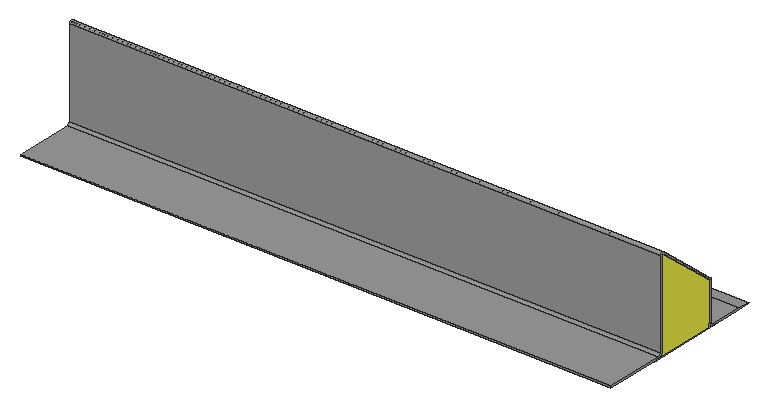
Revit family "XHD K 130 WIL", category Generic Models, Revit 2014
Parameters (values of type "Max lintel length 2100mm")
  URL = "http://www.keystonelintels.co.uk"
  Structural Opening [instance] = 900 mm
  Structural Performance = "The Keystone lintel range has safe working loads as detailed in each applicable loading table in the Keystone Lintel Guide brochure. The structural performance figures within each table have been ascertained by testing in accordance with the requirements of standards BS EN 5977-2: 1983 and BS EN 845-2: 2003."
  RIBA Productor Selector = "available for Keystone Lintels Ltd from Keystone Lintels Ltd from ribaproductselector.com"
  Model = "XHD/K 130 WIL"
  Min Length = 600 mm
  Min Clear Span = 300 mm
  Max Length = 2100 mm
  Max Clear Span = 2100 mm
  Material - Stainless Steel = "Grade 304 2b 1.4307 to BS EN 10088-2. Other grades available on request: contact manufacturer."
  Material - Galvanised Steel = "To BS EN 10346: 2009. DX51D plus Z600 or grade Z275 to BS 5977-2: 1983 (BS EN 845-2: 2003)."
  Manufacturer = "Keystone"
  Manufactured Length [instance] = (roundup(Effective Length / 150 mm) * 150 mm)  # 1200 mm
  Lintel height [instance] = 2100 mm
  Keynote = "F30/755"
  Fire Performance = "Keystone lintels have been subjected to a fire test (WARRES No. 101263) in accordance with BS 476-20: 1987, at Exova Warrington Fire and achieved a one hour fire performance."
  End Bearing = 150 mm
  Effective Length [instance] = Clear Opening with MIN MAX set + End Bearing * 2  # 1200 mm
  Corrosion = "Keystone’s standard range of lintels are manufactured from high quality grade pre-galvanized carbon steel with a zinc coating of 600"
  Contact Tel = "+44 (0)28 8676 2184"
  Contact Email = "info@keystonelintels.co.uk"
  Clear Opening with MIN MAX set [instance] = if(Structural Opening < Min Clear Span, Min Clear Span, (if(Structural Opening > Max Clear Span, Max Clear Span, Structural Opening)))  # 900 mm
  CPD Information = "Available for Keystone Lintels Ltd from ribacpd.com"
Reference planes
  plane 1 "Center (Front/Back)": y = 0
  plane 2: z = 0
  plane 3 "Center (Left/Right)": x = 0
  plane 4: x = -600
  plane 5: x = 600
  plane 6: z = 2100
  plane 7: x = -450
  plane 8: x = 450
Forms (mm)
  Extrusion 1, solid, material "Steel"
    sketch origin (0, 698.671, -515.599) x (0, 1, 0) y (0, 0, 1)
      loop
        line (-568.042, 2615.599) -> (-543.097, 2614.732) -> (-542.986, 2617.931) -> (-567.986, 2618.799) -> (-632.986, 2618.799)
        arc (-632.986, 2618.799) -> (-636.522, 2620.263) -> (-637.986, 2623.799) r 5
        line (-637.986, 2623.799) -> (-637.986, 2701.722)
        arc (-637.986, 2701.722) -> (-638.455, 2703.835) -> (-639.772, 2705.552) r 5
        line (-639.772, 2705.552) -> (-757.569, 2804.395)
        arc (-757.569, 2804.395) -> (-762.927, 2805.525) -> (-765.986, 2800.983) r 4.9
        line (-765.986, 2800.983) -> (-765.986, 2623.799)
        arc (-765.986, 2623.799) -> (-767.451, 2620.263) -> (-770.986, 2618.799) r 5
        line (-770.986, 2618.799) -> (-890.986, 2618.799) -> (-890.986, 2615.599) -> (-770.986, 2615.599)
        arc (-770.986, 2615.599) -> (-765.188, 2618) -> (-762.786, 2623.799) r 8.2
        line (-762.786, 2623.799) -> (-762.786, 2800.983)
        arc (-762.786, 2800.983) -> (-761.936, 2802.456) -> (-760.236, 2802.455) r 1.7
        line (-760.236, 2802.455) -> (-641.829, 2703.1)
        arc (-641.829, 2703.1) -> (-641.355, 2702.482) -> (-641.186, 2701.722) r 1.8
        line (-641.186, 2701.722) -> (-641.186, 2623.799)
        arc (-641.186, 2623.799) -> (-638.784, 2618.001) -> (-632.986, 2615.599) r 8.2
        line (-632.986, 2615.599) -> (-568.042, 2615.599)
    from -600 to 600
  Extrusion 2, solid, material "Steel"
    sketch origin (0, 698.671, -515.599) x (0, 1, 0) y (0, 0, 1)
      loop
        line (-779.457, 2614.599) -> (-624.426, 2614.599) -> (-624.426, 2615.599) -> (-641.426, 2615.599) -> (-641.426, 2623.599) -> (-642.426, 2623.599) -> (-642.426, 2615.599) -> (-779.457, 2615.599) -> (-779.457, 2614.599)
    from -600 to 600
  Extrusion 3, solid, material "Insulation"
    sketch origin (0, 698.671, -515.599) x (0, 1, 0) y (0, 0, 1)
      loop
        line (-642.426, 2615.599) -> (-642.426, 2623.599) -> (-641.426, 2623.599) -> (-641.426, 2615.599) -> (-632.986, 2615.599)
        arc (-632.986, 2615.599) -> (-638.784, 2618.001) -> (-641.186, 2623.799) r 8.2
        line (-641.186, 2623.799) -> (-641.186, 2701.722)
        arc (-641.186, 2701.722) -> (-641.355, 2702.482) -> (-641.829, 2703.1) r 1.8
        line (-641.829, 2703.1) -> (-760.236, 2802.455)
        arc (-760.236, 2802.455) -> (-761.936, 2802.456) -> (-762.786, 2800.983) r 1.7
        line (-762.786, 2800.983) -> (-762.786, 2623.799)
        arc (-762.786, 2623.799) -> (-765.188, 2618) -> (-770.986, 2615.599) r 8.2
        line (-770.986, 2615.599) -> (-642.426, 2615.599)
    from -600 to 600
  Extrusion 4, solid, not visible
    sketch origin (0, 1000.035, 1243.079) x (0, 1, 0) y (0, 0, 1)
      loop
        line (-568.042, 1015.599) -> (-543.097, 1014.732) -> (-542.986, 1017.931) -> (-567.986, 1018.799) -> (-632.986, 1018.799)
        arc (-632.986, 1018.799) -> (-636.522, 1020.263) -> (-637.986, 1023.799) r 5
        line (-637.986, 1023.799) -> (-637.986, 1101.722)
        arc (-637.986, 1101.722) -> (-638.455, 1103.835) -> (-639.772, 1105.552) r 5
        line (-639.772, 1105.552) -> (-757.569, 1204.395)
        arc (-757.569, 1204.395) -> (-762.927, 1205.525) -> (-765.986, 1200.983) r 4.9
        line (-765.986, 1200.983) -> (-765.986, 1023.799)
        arc (-765.986, 1023.799) -> (-767.451, 1020.263) -> (-770.986, 1018.799) r 5
        line (-770.986, 1018.799) -> (-890.986, 1018.799) -> (-890.986, 1015.599) -> (-770.986, 1015.599)
        arc (-770.986, 1015.599) -> (-765.188, 1018) -> (-762.786, 1023.799) r 8.2
        line (-762.786, 1023.799) -> (-762.786, 1200.983)
        arc (-762.786, 1200.983) -> (-761.936, 1202.456) -> (-760.236, 1202.455) r 1.7
        line (-760.236, 1202.455) -> (-641.829, 1103.1)
        arc (-641.829, 1103.1) -> (-641.355, 1102.482) -> (-641.186, 1101.722) r 1.8
        line (-641.186, 1101.722) -> (-641.186, 1023.799)
        arc (-641.186, 1023.799) -> (-638.784, 1018.001) -> (-632.986, 1015.599) r 8.2
        line (-632.986, 1015.599) -> (-568.042, 1015.599)
    from 0 to 250
  Extrusion 5, solid, not visible
    sketch origin (0, 530.793, 1270.521) x (0, 1, 0) y (0, 0, 1)
      loop
        line (-642.426, 1015.599) -> (-642.426, 1023.599) -> (-641.426, 1023.599) -> (-641.426, 1015.599) -> (-632.986, 1015.599)
        arc (-632.986, 1015.599) -> (-638.784, 1018.001) -> (-641.186, 1023.799) r 8.2
        line (-641.186, 1023.799) -> (-641.186, 1101.722)
        arc (-641.186, 1101.722) -> (-641.355, 1102.482) -> (-641.829, 1103.1) r 1.8
        line (-641.829, 1103.1) -> (-760.236, 1202.455)
        arc (-760.236, 1202.455) -> (-761.936, 1202.456) -> (-762.786, 1200.983) r 1.7
        line (-762.786, 1200.983) -> (-762.786, 1023.799)
        arc (-762.786, 1023.799) -> (-765.188, 1018) -> (-770.986, 1015.599) r 8.2
        line (-770.986, 1015.599) -> (-642.426, 1015.599)
    from 0 to 250
  Extrusion 6, solid, not visible
    sketch origin (0, 871.325, 1019.57) x (0, 1, 0) y (0, 0, 1)
      loop
        line (-779.457, 1014.599) -> (-624.426, 1014.599) -> (-624.426, 1015.599) -> (-641.426, 1015.599) -> (-641.426, 1023.599) -> (-642.426, 1023.599) -> (-642.426, 1015.599) -> (-779.457, 1015.599) -> (-779.457, 1014.599)
    from 0 to 250
Dimensions and locks
  equal spacing: plane 4, plane 3 "Center (Left/Right)", plane 5
  "Manufactured Length": plane 4 to plane 5
  "Lintel height": plane 6 to level
  "Structural Opening": plane 7 to plane 8
  equal spacing: plane 7, plane 3 "Center (Left/Right)", plane 8
  aligned and locked: level to plane 2
  aligned and locked: Extrusion 1 to plane 6
  aligned and locked: Extrusion 3 to plane 6
  aligned and locked: plane 6 to Extrusion 2
  aligned and locked: plane 5 to Extrusion 1
  aligned and locked: Extrusion 1 to plane 4
  aligned and locked: plane 5 to Extrusion 3
  aligned and locked: Extrusion 3 to plane 4
  aligned and locked: plane 5 to Extrusion 2
  aligned and locked: Extrusion 2 to plane 4
Automatic sketch dimensions
  Extrusion 1 sketch curve to Extrusion 1 sketch curve = 64.944 mm
  Extrusion 1 sketch curve to Extrusion 1 sketch curve = 0.866 mm
  Extrusion 1 sketch curve to Extrusion 1 sketch curve = 0.056 mm
  Extrusion 1 sketch curve to Extrusion 1 sketch curve = 0 mm  (x15)
  Extrusion 1 sketch curve to Extrusion 1 sketch curve = 0.111 mm
  Extrusion 1 sketch curve to Extrusion 1 sketch curve = 3.198 mm
  Extrusion 1 sketch curve to Extrusion 1 sketch curve = 5 mm  (x2)
  Extrusion 1 sketch curve to Extrusion 1 sketch curve = 77.923 mm
  Extrusion 1 sketch curve to Extrusion 1 sketch curve = 1.8 mm
  Extrusion 1 sketch curve to Extrusion 1 sketch curve = 0.643 mm
  Extrusion 1 sketch curve to Extrusion 1 sketch curve = 118.407 mm
  Extrusion 1 sketch curve to Extrusion 1 sketch curve = 99.355 mm
  Extrusion 1 sketch curve to Extrusion 1 sketch curve = 2.057 mm
  Extrusion 1 sketch curve to Extrusion 1 sketch curve = 2.667 mm
  Extrusion 1 sketch curve to Extrusion 1 sketch curve = 1.939 mm
  Extrusion 1 sketch curve to Extrusion 1 sketch curve = 0.85 mm
  Extrusion 1 sketch curve to Extrusion 1 sketch curve = 1.472 mm
  Extrusion 1 sketch curve to Extrusion 1 sketch curve = 120 mm
  Extrusion 2 sketch curve to Extrusion 2 sketch curve = 155.031 mm
  Extrusion 2 sketch curve to Extrusion 2 sketch curve = 1 mm  (x2)
  Extrusion 2 sketch curve to Extrusion 2 sketch curve = 17 mm
  Extrusion 2 sketch curve to Extrusion 2 sketch curve = 8 mm
  Extrusion 2 sketch curve to Extrusion 2 sketch curve = 0 mm
  Extrusion 3 sketch curve to Extrusion 3 sketch curve = 128.56 mm
  Extrusion 3 sketch curve to Extrusion 3 sketch curve = 8 mm
  Extrusion 3 sketch curve to Extrusion 3 sketch curve = 9.44 mm
  Extrusion 3 sketch curve to Extrusion 3 sketch curve = 1 mm
  Extrusion 3 sketch curve to Extrusion 3 sketch curve = 1.24 mm
  Extrusion 3 sketch curve to Extrusion 3 sketch curve = 0 mm  (x3)
  Extrusion 3 sketch curve to Extrusion 3 sketch curve = 0.2 mm
  Extrusion 3 sketch curve to Extrusion 3 sketch curve = 77.923 mm
  Extrusion 3 sketch curve to Extrusion 3 sketch curve = 8.2 mm  (x2)
  Extrusion 3 sketch curve to Extrusion 3 sketch curve = 99.262 mm
  Extrusion 3 sketch curve to Extrusion 3 sketch curve = 1.7 mm
  Extrusion 3 sketch curve to Extrusion 3 sketch curve = 0.85 mm
  Extrusion 3 sketch curve to Extrusion 3 sketch curve = 0.643 mm
  Extrusion 3 sketch curve to Extrusion 3 sketch curve = 1.379 mm
  Extrusion 4 sketch curve to Extrusion 4 sketch curve = 64.944 mm
  Extrusion 4 sketch curve to Extrusion 4 sketch curve = 0.866 mm
  Extrusion 4 sketch curve to Extrusion 4 sketch curve = 0.056 mm
  Extrusion 4 sketch curve to Extrusion 4 sketch curve = 0 mm  (x15)
  Extrusion 4 sketch curve to Extrusion 4 sketch curve = 0.111 mm
  Extrusion 4 sketch curve to Extrusion 4 sketch curve = 3.198 mm
  Extrusion 4 sketch curve to Extrusion 4 sketch curve = 5 mm  (x2)
  Extrusion 4 sketch curve to Extrusion 4 sketch curve = 77.923 mm
  Extrusion 4 sketch curve to Extrusion 4 sketch curve = 1.8 mm
  Extrusion 4 sketch curve to Extrusion 4 sketch curve = 0.643 mm
  Extrusion 4 sketch curve to Extrusion 4 sketch curve = 118.407 mm
  Extrusion 4 sketch curve to Extrusion 4 sketch curve = 99.355 mm
  Extrusion 4 sketch curve to Extrusion 4 sketch curve = 2.057 mm
  Extrusion 4 sketch curve to Extrusion 4 sketch curve = 2.667 mm
  Extrusion 4 sketch curve to Extrusion 4 sketch curve = 1.939 mm
  Extrusion 4 sketch curve to Extrusion 4 sketch curve = 0.85 mm
  Extrusion 4 sketch curve to Extrusion 4 sketch curve = 1.472 mm
  Extrusion 4 sketch curve to Extrusion 4 sketch curve = 120 mm
  Extrusion 5 sketch curve to Extrusion 5 sketch curve = 128.56 mm
  Extrusion 5 sketch curve to Extrusion 5 sketch curve = 8 mm
  Extrusion 5 sketch curve to Extrusion 5 sketch curve = 9.44 mm
  Extrusion 5 sketch curve to Extrusion 5 sketch curve = 1 mm
  Extrusion 5 sketch curve to Extrusion 5 sketch curve = 1.24 mm
  Extrusion 5 sketch curve to Extrusion 5 sketch curve = 0 mm  (x3)
  Extrusion 5 sketch curve to Extrusion 5 sketch curve = 0.2 mm
  Extrusion 5 sketch curve to Extrusion 5 sketch curve = 77.923 mm
  Extrusion 5 sketch curve to Extrusion 5 sketch curve = 8.2 mm  (x2)
  Extrusion 5 sketch curve to Extrusion 5 sketch curve = 99.262 mm
  Extrusion 5 sketch curve to Extrusion 5 sketch curve = 1.7 mm
  Extrusion 5 sketch curve to Extrusion 5 sketch curve = 0.85 mm
  Extrusion 5 sketch curve to Extrusion 5 sketch curve = 0.643 mm
  Extrusion 5 sketch curve to Extrusion 5 sketch curve = 1.379 mm
  Extrusion 6 sketch curve to Extrusion 6 sketch curve = 155.031 mm
  Extrusion 6 sketch curve to Extrusion 6 sketch curve = 1 mm  (x2)
  Extrusion 6 sketch curve to Extrusion 6 sketch curve = 17 mm
  Extrusion 6 sketch curve to Extrusion 6 sketch curve = 8 mm
  Extrusion 6 sketch curve to Extrusion 6 sketch curve = 0 mm
  Extrusion 2 sketch curve to plane 6 = 0 mm
  plane 1 "Center (Front/Back)" to Extrusion 2 sketch curve = 80.786 mm
  Extrusion 3 sketch curve to plane 6 = 0 mm
  plane 1 "Center (Front/Back)" to Extrusion 3 sketch curve = 72.316 mm
  Extrusion 1 sketch curve to plane 6 = 0 mm
  plane 1 "Center (Front/Back)" to Extrusion 1 sketch curve = 192.316 mm
